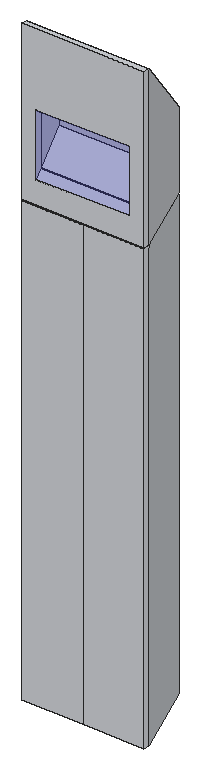
Revit family "99552_HOST_GND", category Lighting Fixtures, host Floor, Revit 2012
Parameters (values of type "Bollards")
  Wattage Comments = "11W"
  Wattage = 5.04908 W
  built-in parameter 1150110 = 1 (stored number, unit not read)
  URL = "www.bega-us.com"
  built-in parameter 1114217 = 1 (stored number, unit not read)
  Tilt Angle = 90.00°
  built-in parameter 1150109 = 1 (stored number, unit not read)
  built-in parameter 1150134 = 2
  Telephone = "805.684.0533"
  built-in parameter 1150113 = 1 (stored number, unit not read)
  Photometric Web File = "99552.IES"
  Model = "99552"
  Manufacturer = "BEGA-US"
  built-in parameter 1150105 = 59.683 (stored number, unit not read)
  Lumens = 750 lm
  built-in parameter 1150115 = 1 (stored number, unit not read)
  built-in parameter 1150137 = (empty or 0)
  built-in parameter 1150139 = (empty or 0)
  built-in parameter 1150112 = 1 (stored number, unit not read)
  built-in parameter 1150114 = 1 (stored number, unit not read)
  Lamp = "11W LED"
  built-in parameter 1150132 = 2
  built-in parameter 1150102 = (empty or 0)
  built-in parameter 1150107 = 5000 (stored number, unit not read)
  built-in parameter 1150138 = (empty or 0)
  built-in parameter 1150106 = 0.59683 (stored number, unit not read)
  built-in parameter 1150104 = 13.8 (stored number, unit not read)
  Dimming Lamp Color Temperature Shift = <None>
  Description = "Bollard - trapezoidal with spread lens"
  Color Filter = 16777215
  built-in parameter 1114218 = 1 (stored number, unit not read)
  built-in parameter 1150133 = 10 (stored number, unit not read)
Reference planes (in)
  plane 1 "Center (Front/Back)": y = 0
  plane 2: z = 0
  plane 3 "Center (Left/Right)": x = 0
Dimensions and locks (in)
  equal spacing: host sketch curve, plane 1 "Center (Front/Back)", host sketch curve
  equal spacing: host sketch curve, plane 3 "Center (Left/Right)", host sketch curve
  host sketch curve to host sketch curve = 10' - 0"  (x2)
  aligned and locked: level to plane 2
Nested families (in)
  nested 1: "8532" at (0, 2.625, 0) x (-1, 0, 0) z (0, 0, 1), type "Bollards"
Connectors (in)
  electrical at (0, 0, 0)
    settings: index 1, voltage 0 V, apparent load 0 VA, apparent load phase1 0 VA, apparent load phase2 0 VA, apparent load phase3 0 VA, power factor 1, load classification "Other", number of poles 1, system type 31, power factor state 1, is connector primary yes, connector utility no, sub classification motor no, connector description ""
Definition of nested family "8532"
  Parameters (values of type "Bollards")
    URL = "http://www.bega-us.com"
    Telephone = "805.684.0533"
    Model = "8532"
    Manufacturer = "BEGA-US"
    Lamp = "(1) 50W T4 GY6.35, 12V"
    Description = "Bollard - trapezoidal with spread lens"
  Reference planes (in)
    plane 1 "Light Source Axis (F/B)": y = 0
    plane 2: z = 0
    plane 3 "Light Source Axis (L/R)": x = 0
    plane 4 "Light Source Elevation": z = 27.0625
  Forms (in)
    Extrusion 1, solid
      sketch origin (0, 0, 0) x (1, 0, 0) y (0, 1, 0)
        loop
          line (0, 4) -> (-3.1875, 4) -> (-3.1875, 3.6875) -> (-1.5, -0.375) -> (0, -0.375) -> (1.5, -0.375) -> (3.1875, 3.6875) -> (3.1875, 4) -> (0, 4)
      from 0 to 23.25
    Extrusion 2, solid
      sketch origin (0, 0, 0) x (1, 0, 0) y (0, 1, 0)
        loop
          line (-3.125, 3.9375) -> (-3.125, 3.69996) -> (-1.45828, -0.3125) -> (1.45828, -0.3125) -> (3.125, 3.69996) -> (3.125, 3.9375) -> (-3.125, 3.9375)
      from 0 to 23.3125
    Extrusion 3, solid
      sketch origin (0, 0, 0) x (1, 0, 0) y (0, 1, 0)
        loop
          line (-3.1875, 4) -> (-3.1875, 3.6875) -> (3.1875, 3.6875) -> (3.1875, 4) -> (-3.1875, 4)
      from 23.3125 to 31.5
    Blend 4, solid
      base sketch origin (0, 3.6875, 0) x (1, 0, 0) y (0, 0, 1)
        loop
          line (-3.1875, 23.3125) -> (3.1875, 23.3125) -> (3.1875, 31.5) -> (-3.1875, 31.5) -> (-3.1875, 23.3125)
      top sketch origin (0, 0, 0) x (1, 0, 0) y (0, 0, 1)
        loop
          line (-1.45828, 23.3125) -> (1.45828, 23.3125) -> (1.45828, 27.3125) -> (-1.45828, 27.3125) -> (-1.45828, 23.3125)
      from 0 to 0.375
    Extrusion 5, void
      sketch origin (0, 0, 0) x (0, 1, 0) y (0, 0, 1)
        loop
          line (4, 24.5) -> (4, 27.75) -> (2.5, 27.75) -> (2.5, 26.375) -> (4, 24.5)
      from -2.4375 to 2.4375
    Extrusion 6, solid, material "Glass"
      sketch origin (0, 0, 0) x (0, 1, 0) y (0, 0, 1)
        loop
          line (3.6875, 24.89062) -> (4, 24.5) -> (4, 27.75) -> (3.6875, 27.75) -> (3.6875, 24.89062)
      from -2.4375 to 2.4375
    Extrusion 7, void
      sketch origin (0, 0, 0) x (1, 0, 0) y (0, 1, 0)
        loop
          circle (0, 1.75359) r 3.75
      from -10 to 0
  Cuts and joins
    Extrusion 5 cuts Extrusion 3
    Extrusion 5 cuts Blend 4
    Extrusion 7 cuts Extrusion 1
    Extrusion 7 cuts Extrusion 2
  Dimensions and locks (in)
    aligned and locked: level to plane 2
  Connectors (in)
    electrical at (0, 0, 0)
      settings: index 1, voltage 0 V, apparent load 0 VA, apparent load phase1 0 VA, apparent load phase2 0 VA, apparent load phase3 0 VA, power factor 1, load classification "Other", number of poles 1, system type 31, power factor state 1, is connector primary yes, connector utility no, sub classification motor no, connector description ""
